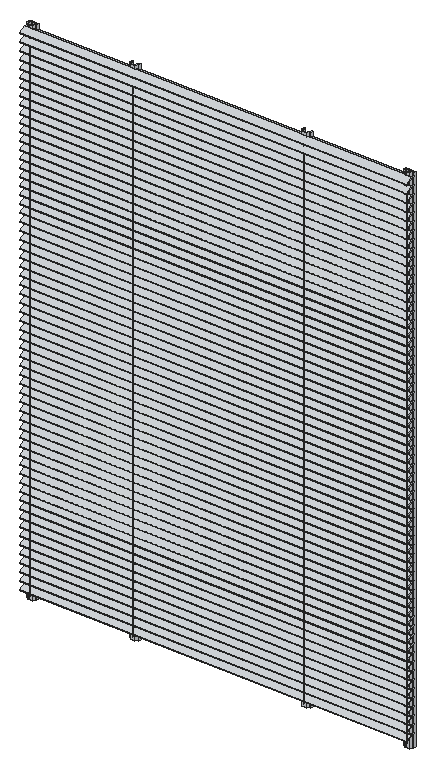
Revit family "EL-1-CO (30 Degree Blades)", category Mechanical Equipment, Revit 2015
Parameters
  URL = "http://unitedenertech.com/catalog/pdf/A_42%20EL-1-CO.pdf"
  Type Comments = "Max. Single Section Size is (120\"w x 84\"h)"
  Model = "EL-1-CO (30 Degree Blades)"
  Manufacturer = "United Enertech Corporation"
  Keynote = "Note: Blade Braces Set to Visibility Parameters, Correct Number Will Appear when Loaded into Project."
  Exact Width = 3' - 0"
  Exact Height = 4' - 0"
  Description = "PTAC Grille - Core Only"
  Brace Visibility [instance] = if(and(Exact Width > 1' 4", Exact Width < 2' 8"), 2 > 1, 1 > 2)  # no
  Brace Number [instance] = (Exact Width / 1' 4")  # 2
  Blade Spacing = 0' - 0 3/4"
  Blade Number [instance] = rounddown((Exact Height - 0' 0 1/4") / 0' 0 3/4")  # 63
  (7) Brace Visibility [instance] = if(Exact Width > 9' 4", 2 > 1, 1 > 2)  # no
  (6) Brace Visibility [instance] = if(and(Exact Width > 8' 0", Exact Width < 9' 4"), 2 > 1, 1 > 2)  # no
  (5) Brace Visibility [instance] = if(and(Exact Width > 6' 8", Exact Width < 8' 0"), 2 > 1, 1 > 2)  # no
  (4) Brace Visibility [instance] = if(and(Exact Width > 5' 4", Exact Width < 6' 8"), 2 > 1, 1 > 2)  # no
  (3) Brace Visibility [instance] = if(and(Exact Width > 4' 0", Exact Width < 5' 4"), 2 > 1, 1 > 2)  # no
  (2) Brace Visibility [instance] = if(and(Exact Width > 2' 8", Exact Width < 4' 0"), 2 > 1, 1 > 2)  # yes
Reference planes (in)
  plane 1 "Center (Front/Back)": y = 0
  plane 2: z = 0
  plane 3 "Center (Left/Right)": x = 0
  plane 4: x = -18
  plane 5: x = 18
  plane 6: z = 48
  plane 7: x = -17.56125
  plane 8: y = -0.453
  plane 9: y = -0.237
  plane 10: z = 47.75
Forms (in)
  Extrusion 1, solid
    sketch origin (-19.86073, 2.05132, 0) x (-1, 0, 0) y (0, -1, 0)
      loop
        line (-2.65373, 2.21832) -> (-2.50198, 2.05132) -> (-2.09698, 2.05132) -> (-1.94523, 2.21832) -> (-2.06023, 2.21832) -> (-2.06023, 2.1602) -> (-2.11911, 2.10132) -> (-2.47986, 2.10132) -> (-2.53873, 2.1602) -> (-2.53873, 2.21832) -> (-2.65373, 2.21832)
    from 0 to 48
  Extrusion 2, solid
    sketch origin (19.83799, 2.48299, 0) x (1, 0, 0) y (0, 1, 0)
      loop
        line (-2.71549, -2.49199) -> (-2.71549, -2.71999) -> (-2.53299, -2.71999) -> (-2.49774, -2.93599) -> (-2.05574, -2.93599) -> (-2.02049, -2.71999) -> (-1.83799, -2.71999) -> (-1.83799, -2.49199) -> (-1.90799, -2.49199) -> (-1.97456, -2.57592) -> (-1.90994, -2.64999) -> (-2.07999, -2.64999) -> (-2.11524, -2.86599) -> (-2.43823, -2.86599) -> (-2.47348, -2.64999) -> (-2.64354, -2.64999) -> (-2.58124, -2.57299) -> (-2.64549, -2.49199) -> (-2.71549, -2.49199)
    from 0 to 48
  Extrusion 3, solid
    sketch origin (19.86073, 2.05132, 0) x (1, 0, 0) y (0, 1, 0)
      loop
        line (-2.65373, -2.21832) -> (-2.53873, -2.21832) -> (-2.53873, -2.1602) -> (-2.47986, -2.10132) -> (-2.11911, -2.10132) -> (-2.06023, -2.1602) -> (-2.06023, -2.21832) -> (-1.94523, -2.21832) -> (-2.09698, -2.05132) -> (-2.50198, -2.05132) -> (-2.65373, -2.21832)
    from 0 to 48
  Extrusion 4, solid
    sketch origin (-19.83799, 2.48299, 0) x (-1, 0, 0) y (0, -1, 0)
      loop
        line (-2.71549, 2.49199) -> (-2.64549, 2.49199) -> (-2.58124, 2.57299) -> (-2.64354, 2.64999) -> (-2.47348, 2.64999) -> (-2.43823, 2.86599) -> (-2.11524, 2.86599) -> (-2.07999, 2.64999) -> (-1.90994, 2.64999) -> (-1.97456, 2.57592) -> (-1.90799, 2.49199) -> (-1.83799, 2.49199) -> (-1.83799, 2.71999) -> (-2.02049, 2.71999) -> (-2.05574, 2.93599) -> (-2.49774, 2.93599) -> (-2.53299, 2.71999) -> (-2.71549, 2.71999) -> (-2.71549, 2.49199)
    from 0 to 48
Dimensions and locks (in)
  equal spacing: plane 4, plane 3 "Center (Left/Right)", plane 5
  "Exact Width": plane 4 to plane 5
  "Exact Height": plane 6 to level
  locked: plane 4 to plane 7 at 0.43875
  locked: plane 6 to plane 10 at 0.25
  equal spacing: group 1, group 2, group 3, group 4, group 5, group 6, group 7, group 8, group 9, group 10, group 11, group 12, group 13, group 14, group 15, group 16, group 17, group 18, group 19, group 20, group 21, group 22, group 23, group 24, group 25, group 26, group 27, group 28, group 29, group 30, group 31, group 32, group 33, group 34, group 35, group 36, group 37, group 38, group 39, group 40, group 41, group 42, group 43, group 44, group 45, group 46, group 47, group 48, group 49, group 50, group 51, group 52, group 53, group 54, group 55, group 56, group 57, group 58, group 59, group 60, group 61, group 62, group 63  (x2)
  equal spacing: group 63, group 62, group 61, group 60, group 59, group 58, group 57, group 56, group 55, group 54, group 53, group 52, group 51, group 50, group 49, group 48, group 47, group 46, group 45, group 44, group 43, group 42, group 41, group 40, group 39, group 38, group 37, group 36, group 35, group 34, group 33, group 32, group 31, group 30, group 29, group 28, group 27, group 26, group 25, group 24, group 23, group 22, group 21, group 20, group 19, group 18, group 17, group 16, group 15, group 14, group 13, group 12, group 11, group 10, group 9, group 8, group 7, group 6, group 5, group 4, group 3, group 2, group 1
  "Blade Spacing": nested 3 to nested 2
  aligned and locked: level to plane 2
  aligned and locked: plane 6 to Extrusion 2
  aligned and locked: plane 6 to Extrusion 3
  aligned and locked: plane 6 to Extrusion 1
  aligned and locked: plane 3 "Center (Left/Right)" to nested 1
  aligned and locked: nested 1 to plane 8
  aligned and locked: plane 3 "Center (Left/Right)" to nested 2
  aligned and locked: plane 10 to nested 2
  aligned and locked: plane 6 to Extrusion 4
Automatic sketch dimensions
  plane 1 "Center (Front/Back)" to Extrusion 1 sketch curve = 0' - 0"
  plane 9 to Extrusion 1 sketch curve = 0' - 0.07"  (x2)
  Extrusion 1 sketch curve to plane 7 = 0' - 0.35425"
  Extrusion 1 sketch curve to Extrusion 1 sketch curve = 0' - 0.115"
  Extrusion 1 sketch curve to Extrusion 1 sketch curve = 0' - 0.03675"
  Extrusion 1 sketch curve to Extrusion 1 sketch curve = 0' - 0.02213"  (x2)
  plane 1 "Center (Front/Back)" to Extrusion 1 sketch curve = 0' - 0.05"
  plane 7 to Extrusion 1 sketch curve = 0' - 0.18037"
  Extrusion 1 sketch curve to Extrusion 1 sketch curve = 0' - 0.05888"  (x2)
  Extrusion 1 sketch curve to plane 4 = 0' - 0.0845"
  Extrusion 1 sketch curve to Extrusion 1 sketch curve = 0' - 0.05812"
  plane 9 to Extrusion 2 sketch curve = 0' - 0"  (x2)
  Extrusion 2 sketch curve to plane 8 = 0' - 0"
  Extrusion 2 sketch curve to plane 5 = 0' - 0"
  Extrusion 2 sketch curve to plane 1 "Center (Front/Back)" = 0' - 0.009"  (x2)
  Extrusion 2 sketch curve to Extrusion 2 sketch curve = 0' - 0.07"
  plane 5 to Extrusion 2 sketch curve = 0' - 0.07195"
  Extrusion 2 sketch curve to Extrusion 2 sketch curve = 0' - 0.06462"
  Extrusion 2 sketch curve to Extrusion 2 sketch curve = 0' - 0.11055"
  plane 5 to Extrusion 2 sketch curve = 0' - 0.21775"
  Extrusion 2 sketch curve to Extrusion 2 sketch curve = 0' - 0.0595"  (x4)
  Extrusion 2 sketch curve to plane 8 = 0' - 0.07"
  Extrusion 2 sketch curve to Extrusion 2 sketch curve = 0' - 0.323"
  Extrusion 2 sketch curve to plane 9 = 0' - 0.07"  (x2)
  Extrusion 2 sketch curve to Extrusion 2 sketch curve = 0' - 0.03525"
  Extrusion 2 sketch curve to plane 1 "Center (Front/Back)" = 0' - 0.09"
  Extrusion 2 sketch curve to Extrusion 2 sketch curve = 0' - 0.10775"
  Extrusion 2 sketch curve to Extrusion 2 sketch curve = 0' - 0.0623"
  Extrusion 2 sketch curve to Extrusion 2 sketch curve = 0' - 0.06425"
  Extrusion 2 sketch curve to Extrusion 2 sketch curve = 0' - 0.07195"
  Extrusion 2 sketch curve to plane 1 "Center (Front/Back)" = 0' - 0.09293"
  plane 1 "Center (Front/Back)" to Extrusion 3 sketch curve = 0' - 0"
  Extrusion 3 sketch curve to plane 9 = 0' - 0.07"  (x2)
  plane 5 to Extrusion 3 sketch curve = 0' - 0.793"
  Extrusion 3 sketch curve to Extrusion 3 sketch curve = 0' - 0.115"
  Extrusion 3 sketch curve to Extrusion 3 sketch curve = 0' - 0.03675"
  Extrusion 3 sketch curve to Extrusion 3 sketch curve = 0' - 0.02213"  (x2)
  Extrusion 3 sketch curve to plane 1 "Center (Front/Back)" = 0' - 0.05"
  plane 5 to Extrusion 3 sketch curve = 0' - 0.25838"
  Extrusion 3 sketch curve to Extrusion 3 sketch curve = 0' - 0.05888"  (x2)
  plane 5 to Extrusion 3 sketch curve = 0' - 0.0845"
  Extrusion 3 sketch curve to Extrusion 3 sketch curve = 0' - 0.05812"
  Extrusion 4 sketch curve to plane 9 = 0' - 0"  (x2)
  Extrusion 4 sketch curve to plane 8 = 0' - 0"
  Extrusion 4 sketch curve to plane 4 = 0' - 0"
  plane 1 "Center (Front/Back)" to Extrusion 4 sketch curve = 0' - 0.009"  (x2)
  Extrusion 4 sketch curve to plane 4 = 0' - 0.07"
  Extrusion 4 sketch curve to plane 4 = 0' - 0.07195"
  Extrusion 4 sketch curve to Extrusion 4 sketch curve = 0' - 0.06462"
  Extrusion 4 sketch curve to Extrusion 4 sketch curve = 0' - 0.11055"
  Extrusion 4 sketch curve to plane 4 = 0' - 0.21775"
  Extrusion 4 sketch curve to Extrusion 4 sketch curve = 0' - 0.0595"  (x4)
  plane 8 to Extrusion 4 sketch curve = 0' - 0.07"
  Extrusion 4 sketch curve to plane 7 = 0' - 0.1615"
  plane 9 to Extrusion 4 sketch curve = 0' - 0.07"  (x2)
  Extrusion 4 sketch curve to plane 7 = 0' - 0.19675"
  plane 1 "Center (Front/Back)" to Extrusion 4 sketch curve = 0' - 0.09"
  Extrusion 4 sketch curve to Extrusion 4 sketch curve = 0' - 0.10775"
  Extrusion 4 sketch curve to Extrusion 4 sketch curve = 0' - 0.0623"
  Extrusion 4 sketch curve to Extrusion 4 sketch curve = 0' - 0.06425"
  Extrusion 4 sketch curve to Extrusion 4 sketch curve = 0' - 0.07195"
  plane 1 "Center (Front/Back)" to Extrusion 4 sketch curve = 0' - 0.09293"
Nested families (in)
  nested 1: "EL BRACE" at (0, -0.453, 0), visible <- "Brace Visibility", type "EL BRACE"
    with Height 4' - 0"
  nested 2: "EL 30 Deg" at (0, -2.01253, 41.5485), type "EL 30 Deg"
  nested 3: "EL 30 Deg" at (0, -2.01253, 40.7985), type "EL 30 Deg"
  nested 4: "EL 30 Deg" at (0, -2.01253, 40.0485), type "EL 30 Deg"
  nested 5: "EL 30 Deg" at (0, -2.01253, 39.2985), type "EL 30 Deg"
  nested 6: "EL 30 Deg" at (0, -2.01253, 38.5485), type "EL 30 Deg"
  nested 7: "EL 30 Deg" at (0, -2.01253, 37.7985), type "EL 30 Deg"
  nested 8: "EL 30 Deg" at (0, -2.01253, 37.0485), type "EL 30 Deg"
  nested 9: "EL 30 Deg" at (0, -2.01253, 36.2985), type "EL 30 Deg"
  nested 10: "EL 30 Deg" at (0, -2.01253, 35.5485), type "EL 30 Deg"
  nested 11: "EL 30 Deg" at (0, -2.01253, 34.7985), type "EL 30 Deg"
  nested 12: "EL 30 Deg" at (0, -2.01253, 34.0485), type "EL 30 Deg"
  nested 13: "EL 30 Deg" at (0, -2.01253, 33.2985), type "EL 30 Deg"
  nested 14: "EL 30 Deg" at (0, -2.01253, 32.5485), type "EL 30 Deg"
  nested 15: "EL 30 Deg" at (0, -2.01253, 31.7985), type "EL 30 Deg"
  nested 16: "EL 30 Deg" at (0, -2.01253, 31.0485), type "EL 30 Deg"
  nested 17: "EL 30 Deg" at (0, -2.01253, 30.2985), type "EL 30 Deg"
  nested 18: "EL 30 Deg" at (0, -2.01253, 29.5485), type "EL 30 Deg"
  nested 19: "EL 30 Deg" at (0, -2.01253, 28.7985), type "EL 30 Deg"
  nested 20: "EL 30 Deg" at (0, -2.01253, 28.0485), type "EL 30 Deg"
  nested 21: "EL 30 Deg" at (0, -2.01253, 27.2985), type "EL 30 Deg"
  nested 22: "EL 30 Deg" at (0, -2.01253, 26.5485), type "EL 30 Deg"
  nested 23: "EL 30 Deg" at (0, -2.01253, 25.7985), type "EL 30 Deg"
  nested 24: "EL 30 Deg" at (0, -2.01253, 25.0485), type "EL 30 Deg"
  nested 25: "EL 30 Deg" at (0, -2.01253, 24.2985), type "EL 30 Deg"
  nested 26: "EL 30 Deg" at (0, -2.01253, 23.5485), type "EL 30 Deg"
  nested 27: "EL 30 Deg" at (0, -2.01253, 22.7985), type "EL 30 Deg"
  nested 28: "EL 30 Deg" at (0, -2.01253, 22.0485), type "EL 30 Deg"
  nested 29: "EL 30 Deg" at (0, -2.01253, 21.2985), type "EL 30 Deg"
  nested 30: "EL 30 Deg" at (0, -2.01253, 20.5485), type "EL 30 Deg"
  nested 31: "EL 30 Deg" at (0, -2.01253, 19.7985), type "EL 30 Deg"
  nested 32: "EL 30 Deg" at (0, -2.01253, 19.0485), type "EL 30 Deg"
  nested 33: "EL 30 Deg" at (0, -2.01253, 18.2985), type "EL 30 Deg"
  nested 34: "EL 30 Deg" at (0, -2.01253, 17.5485), type "EL 30 Deg"
  nested 35: "EL 30 Deg" at (0, -2.01253, 16.7985), type "EL 30 Deg"
  nested 36: "EL 30 Deg" at (0, -2.01253, 16.0485), type "EL 30 Deg"
  nested 37: "EL 30 Deg" at (0, -2.01253, 15.2985), type "EL 30 Deg"
  nested 38: "EL 30 Deg" at (0, -2.01253, 14.5485), type "EL 30 Deg"
  nested 39: "EL 30 Deg" at (0, -2.01253, 13.7985), type "EL 30 Deg"
  nested 40: "EL 30 Deg" at (0, -2.01253, 13.0485), type "EL 30 Deg"
  nested 41: "EL 30 Deg" at (0, -2.01253, 12.2985), type "EL 30 Deg"
  nested 42: "EL 30 Deg" at (0, -2.01253, 11.5485), type "EL 30 Deg"
  nested 43: "EL 30 Deg" at (0, -2.01253, 10.7985), type "EL 30 Deg"
  nested 44: "EL 30 Deg" at (0, -2.01253, 10.0485), type "EL 30 Deg"
  nested 45: "EL 30 Deg" at (0, -2.01253, 9.2985), type "EL 30 Deg"
  nested 46: "EL 30 Deg" at (0, -2.01253, 8.5485), type "EL 30 Deg"
  nested 47: "EL 30 Deg" at (0, -2.01253, 7.7985), type "EL 30 Deg"
  nested 48: "EL 30 Deg" at (0, -2.01253, 7.0485), type "EL 30 Deg"
  nested 49: "EL BRACE" at (8, -0.453, 0), visible <- "(2) Brace Visibility", type "EL BRACE"
    with Height 4' - 0"
  nested 50: "EL BRACE" at (-8, -0.453, 0), visible <- "(2) Brace Visibility", type "EL BRACE"
    with Height 4' - 0"
  nested 51: "EL BRACE" at (0, -0.453, 0), visible <- "(3) Brace Visibility", type "EL BRACE"
    with Height 4' - 0"
  nested 52: "EL BRACE" at (16, -0.453, 0), visible <- "(3) Brace Visibility", type "EL BRACE"
    with Height 4' - 0"
  nested 53: "EL BRACE" at (-16, -0.453, 0), visible <- "(3) Brace Visibility", type "EL BRACE"
    with Height 4' - 0"
  nested 54: "EL BRACE" at (-8, -0.453, 0), visible <- "(4) Brace Visibility", type "EL BRACE"
    with Height 4' - 0"
  nested 55: "EL BRACE" at (8, -0.453, 0), visible <- "(4) Brace Visibility", type "EL BRACE"
    with Height 4' - 0"
  nested 56: "EL BRACE" at (-24, -0.453, 0), visible <- "(4) Brace Visibility", type "EL BRACE"
    with Height 4' - 0"
  nested 57: "EL BRACE" at (24, -0.453, 0), visible <- "(4) Brace Visibility", type "EL BRACE"
    with Height 4' - 0"
  nested 58: "EL BRACE" at (0, -0.453, 0), visible <- "(5) Brace Visibility", type "EL BRACE"
    with Height 4' - 0"
  nested 59: "EL BRACE" at (-16, -0.453, 0), visible <- "(5) Brace Visibility", type "EL BRACE"
    with Height 4' - 0"
  nested 60: "EL BRACE" at (16, -0.453, 0), visible <- "(5) Brace Visibility", type "EL BRACE"
    with Height 4' - 0"
  nested 61: "EL BRACE" at (32, -0.453, 0), visible <- "(5) Brace Visibility", type "EL BRACE"
    with Height 4' - 0"
  nested 62: "EL BRACE" at (-32, -0.453, 0), visible <- "(5) Brace Visibility", type "EL BRACE"
    with Height 4' - 0"
  nested 63: "EL BRACE" at (-8, -0.453, 0), visible <- "(6) Brace Visibility", type "EL BRACE"
    with Height 4' - 0"
  nested 64: "EL BRACE" at (8, -0.453, 0), visible <- "(6) Brace Visibility", type "EL BRACE"
    with Height 4' - 0"
  nested 65: "EL BRACE" at (-24, -0.453, 0), visible <- "(6) Brace Visibility", type "EL BRACE"
    with Height 4' - 0"
  nested 66: "EL BRACE" at (24, -0.453, 0), visible <- "(6) Brace Visibility", type "EL BRACE"
    with Height 4' - 0"
  nested 67: "EL BRACE" at (40, -0.453, 0), visible <- "(6) Brace Visibility", type "EL BRACE"
    with Height 4' - 0"
  nested 68: "EL BRACE" at (-40, -0.453, 0), visible <- "(6) Brace Visibility", type "EL BRACE"
    with Height 4' - 0"
  nested 69: "EL BRACE" at (0, -0.453, 0), visible <- "(7) Brace Visibility", type "EL BRACE"
    with Height 4' - 0"
  nested 70: "EL BRACE" at (16, -0.453, 0), visible <- "(7) Brace Visibility", type "EL BRACE"
    with Height 4' - 0"
  nested 71: "EL BRACE" at (-16, -0.453, 0), visible <- "(7) Brace Visibility", type "EL BRACE"
    with Height 4' - 0"
  nested 72: "EL BRACE" at (-32, -0.453, 0), visible <- "(7) Brace Visibility", type "EL BRACE"
    with Height 4' - 0"
  nested 73: "EL BRACE" at (-48, -0.453, 0), visible <- "(7) Brace Visibility", type "EL BRACE"
    with Height 4' - 0"
  nested 74: "EL BRACE" at (32, -0.453, 0), visible <- "(7) Brace Visibility", type "EL BRACE"
    with Height 4' - 0"
  nested 75: "EL BRACE" at (48, -0.453, 0), visible <- "(7) Brace Visibility", type "EL BRACE"
    with Height 4' - 0"
  nested 76: "EL 30 Deg" at (0, -2.01253, 6.2985), type "EL 30 Deg"
  nested 77: "EL 30 Deg" at (0, -2.01253, 5.5485), type "EL 30 Deg"
  nested 78: "EL 30 Deg" at (0, -2.01253, 4.7985), type "EL 30 Deg"
  nested 79: "EL 30 Deg" at (0, -2.01253, 4.0485), type "EL 30 Deg"
  nested 80: "EL 30 Deg" at (0, -2.01253, 3.2985), type "EL 30 Deg"
  nested 81: "EL 30 Deg" at (0, -2.01253, 2.5485), type "EL 30 Deg"
  nested 82: "EL 30 Deg" at (0, -2.01253, 1.7985), type "EL 30 Deg"
  nested 83: "EL 30 Deg" at (0, -2.01253, 1.0485), type "EL 30 Deg"
  nested 84: "EL 30 Deg" at (0, -2.01253, 0.2985), type "EL 30 Deg"
  nested 85: "EL 30 Deg" at (0, -2.01253, -0.4515), type "EL 30 Deg"
  nested 86: "EL 30 Deg" at (0, -2.01253, -1.2015), type "EL 30 Deg"
  nested 87: "EL 30 Deg" at (0, -2.01253, -1.9515), type "EL 30 Deg"
  nested 88: "EL 30 Deg" at (0, -2.01253, -2.7015), type "EL 30 Deg"
  nested 89: "EL 30 Deg" at (0, -2.01253, -3.4515), type "EL 30 Deg"
  nested 90: "EL 30 Deg" at (0, -2.01253, -4.2015), type "EL 30 Deg"
  nested 91: "EL 30 Deg" at (0, -2.01253, -4.9515), type "EL 30 Deg"
Definition of nested family "EL BRACE"
  Parameters (values of type "EL BRACE")
    Height = 1' - 5.56492"
  Reference planes (in)
    plane 1 "Center (Front/Back)": y = 0
    plane 2: z = 0
    plane 3 "Center (Left/Right)": x = 0
    plane 4: z = 17.56492
  Forms (in)
    Extrusion 1, solid
      sketch origin (6.72326, 2.93599, 0) x (-1, 0, 0) y (0, -1, 0)
        loop
          line (6.28451, 2.49199) -> (6.35451, 2.49199) -> (6.41876, 2.57299) -> (6.35646, 2.64999) -> (6.52652, 2.64999) -> (6.56177, 2.86599) -> (6.88476, 2.86599) -> (6.92001, 2.64999) -> (7.09006, 2.64999) -> (7.02544, 2.57592) -> (7.09201, 2.49199) -> (7.16201, 2.49199) -> (7.16201, 2.71999) -> (6.97951, 2.71999) -> (6.94426, 2.93599) -> (6.50226, 2.93599) -> (6.46701, 2.71999) -> (6.28451, 2.71999) -> (6.28451, 2.49199)
      from 0 to 17.56492
  Dimensions and locks (in)
    "Height": plane 4 to level
    aligned and locked: level to plane 2
    aligned and locked: plane 4 to Extrusion 1
  Automatic sketch dimensions
    plane 1 "Center (Front/Back)" to Extrusion 1 sketch curve = 0' - 0"
    Extrusion 1 sketch curve to plane 1 "Center (Front/Back)" = 0' - 0.216"
    plane 3 "Center (Left/Right)" to Extrusion 1 sketch curve = 0' - 0.43875"
    Extrusion 1 sketch curve to Extrusion 1 sketch curve = 0' - 0.07"  (x4)
    Extrusion 1 sketch curve to Extrusion 1 sketch curve = 0' - 0.07195"
    Extrusion 1 sketch curve to Extrusion 1 sketch curve = 0' - 0.0623"
    Extrusion 1 sketch curve to Extrusion 1 sketch curve = 0' - 0.11055"
    Extrusion 1 sketch curve to Extrusion 1 sketch curve = 0' - 0.03525"
    Extrusion 1 sketch curve to Extrusion 1 sketch curve = 0' - 0.0595"  (x4)
    Extrusion 1 sketch curve to plane 1 "Center (Front/Back)" = 0' - 0.07"
    Extrusion 1 sketch curve to plane 3 "Center (Left/Right)" = 0' - 0.1615"
    Extrusion 1 sketch curve to plane 3 "Center (Left/Right)" = 0' - 0.19675"
    Extrusion 1 sketch curve to Extrusion 1 sketch curve = 0' - 0.10543"
    Extrusion 1 sketch curve to Extrusion 1 sketch curve = 0' - 0.06462"
    Extrusion 1 sketch curve to Extrusion 1 sketch curve = 0' - 0.06657"
    Extrusion 1 sketch curve to plane 1 "Center (Front/Back)" = 0' - 0.286"
    Extrusion 1 sketch curve to Extrusion 1 sketch curve = 0' - 0.07407"
    Extrusion 1 sketch curve to Extrusion 1 sketch curve = 0' - 0.077"
    Extrusion 1 sketch curve to Extrusion 1 sketch curve = 0' - 0.08393"
    Extrusion 1 sketch curve to Extrusion 1 sketch curve = 0' - 0.081"
Definition of nested family "EL 30 Deg"
  Parameters (values of type "EL 30 Deg")
    Blade 30 Width = 3' - 0"
  Reference planes (in)
    plane 1 "Center (Front/Back)": y = 0
    plane 2: z = 0
    plane 3 "Center (Left/Right)": x = 0
    plane 4: x = -18
    plane 5: x = 18
  Forms (in)
    Extrusion 1, solid
      sketch origin (0.80302, -5.449, 4.64597) x (0, 1, 0) y (0, 0, 1)
        loop
          line (6.38152, 1.21315) -> (6.41652, 1.15253) -> (6.99328, 1.48552) -> (7.22452, 1.48552) -> (7.22452, 1.55552) -> (6.97452, 1.55552) -> (6.38152, 1.21315)
      from -18.80302 to 17.19698
  Dimensions and locks (in)
    equal spacing: plane 4, plane 3 "Center (Left/Right)", plane 5
    "Blade 30 Width": plane 4 to plane 5
    aligned and locked: level to plane 2
    aligned and locked: plane 5 to Extrusion 1
    aligned and locked: plane 4 to Extrusion 1
  Automatic sketch dimensions
    Extrusion 1 sketch curve to plane 1 "Center (Front/Back)" = 0' - 0.93253"
    Extrusion 1 sketch curve to Extrusion 1 sketch curve = 0' - 0.035"
    Extrusion 1 sketch curve to Extrusion 1 sketch curve = 0' - 0.593"
    Extrusion 1 sketch curve to Extrusion 1 sketch curve = 0' - 0.01876"
    Extrusion 1 sketch curve to Extrusion 1 sketch curve = 0' - 0.23124"
    level to Extrusion 1 sketch curve = 0' - 5.7985"
    Extrusion 1 sketch curve to Extrusion 1 sketch curve = 0' - 0.06062"
